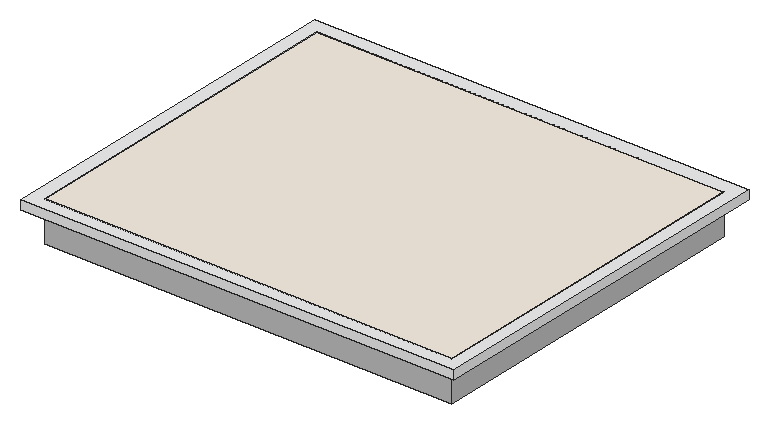
Revit family "Lighting-Industrial-GEWISS-ELIA-HL-LED_HIGHBAY", category Apparecchi per illuminazione, host Superficie, Revit 2019 (continued)
Types (12, lengths in mm): name | Weight (kg): | Weight (kg) | Voltage | Technical sheet | System power | Optic | built-in parameter 1150142 | Lumen output (lm) | Model | IDT | File diagramma fotometrico | Description
    \n15676.76 15460.93 15242.31 15018.11 14788.35 14546.06 \r\n14289.84 14014.12 13723.09 13418.13 13103.43 12785.94 \r\n12471.23 12163.49 11859.92 11559.14 11262.54 10967.33 \r\n10672.12 10378.30 10091.45 9814.34 9541.41 9268.48 \r\n8999.73 8735.15 8476.15 8225.50 7983.20 7747.87 7516.72 \r\n7291.13 7068.33 6851.10 6636.66 6424.99 6211.94 6000.28 \r\n5788.62 5582.53 5377.84 5180.10 4986.54 4804.13 4627.28 \r\n4453.22 4283.33 4117.62 3957.49 3808.49 3665.06 3527.20 \r\n3394.92 3266.81 3144.27 3027.30 2914.50 2804.91 2699.64 \r\n2600.22 2504.13 2408.89 2316.84 2230.78 2147.79 2065.36 \r\n1984.31 1903.13 1824.73 1752.74 1684.65 1618.22 1554.87 \r\n1495.96 1439.85 1384.98 1331.93 1281.24 1232.78 1185.85 \r\n1141.01 1098.54 1058.44 1020.56 984.50 949.96 916.26 \r\n882.57 849.29 816.01 783.70 754.04 726.33 701.68 677.87 \r\n653.22 627.60 599.47 571.90 547.67 525.39 504.64 485.15 \r\n466.21 447.83 430.28 414.83 403.41 393.94 384.61 375.28 \r\n366.37 354.95 336.29 315.40 297.44 279.27 259.77 238.77 \r\n215.22 190.51 165.50 140.68 116.79 93.97 72.19 52.66 \r\n36.62 23.96 15.23 9.48 5.89 4.72 \r\n20514.31 20512.92 20504.56 20492.03 20472.54 20447.47 \r\n20416.84 20383.42 20345.82 20304.04 20256.70 20206.57 \r\n20152.26 20092.38 20029.72 19965.67 19896.04 19825.02 \r\n19751.22 19670.45 19589.69 19507.53 19422.59 19332.08 \r\n19237.39 19138.52 19034.08 18922.68 18807.10 18688.74 \r\n18564.81 18436.70 18305.81 18169.34 18030.09 17893.63 \r\n17755.77 17615.13 17471.70 17325.49 17175.10 17021.92 \r\n16861.78 16687.72 16502.52 16310.35 16108.44 15900.96 \r\n15687.90 15472.07 15252.05 15029.25 14798.10 14557.20 \r\n14300.98 14025.26 13734.23 13427.88 13115.96 12799.86 \r\n12485.16 12177.41 11872.46 11571.68 11273.68 10977.08 \r\n10681.87 10388.05 10099.80 9822.69 9549.76 9278.23 \r\n9008.08 8742.11 8483.11 8232.46 7988.77 7750.66 7519.50 \r\n7291.13 7068.33 6851.10 6635.26 6420.82 6210.55 5997.50 \r\n5787.23 5579.75 5376.44 5177.32 4985.15 4802.73 4625.89 \r\n4450.43 4280.55 4113.44 3954.70 3804.31 3663.67 3524.42 \r\n3392.13 3265.41 3141.48 3024.51 2911.72 2801.43 2695.46 \r\n2595.62 2499.12 2403.59 2311.55 2225.49 2142.64 2060.62 \r\n1980.00 1899.23 1821.53 1749.95 1682.00 1615.44 1552.22 \r\n1493.46 1437.48 1382.33 1329.00 1278.73 1230.27 1183.76 \r\n1139.07 1096.45 1056.21 1018.20 982.27 947.87 914.45 \r\n881.17 848.03 814.61 782.45 752.65 725.07 700.15 676.20 \r\n651.69 626.35 598.77 571.48 547.39 525.11 504.36 484.59 \r\n465.23 447.13 429.73 414.41 403.69 394.50 384.61 374.58 \r\n365.11 353.14 334.76 314.43 296.60 278.37 258.68 237.55 \r\n214.31 189.98 165.11 140.36 116.59 93.84 72.01 52.43 \r\n36.48 23.91 15.22 9.51 5.92 4.74 \r\n20514.31 20512.92 20504.56 20492.03 20472.54 20447.47 \r\n20416.84 20384.81 20345.82 20304.04 20259.48 20207.96 \r\n20153.65 20093.78 20031.11 19965.67 19898.83 19827.81 \r\n19754.01 19676.03 19593.87 19511.71 19426.77 19336.26 \r\n19241.56 19142.70 19038.26 18926.86 18811.28 18692.92 \r\n18567.60 18442.27 18311.38 18174.91 18037.05 17900.59 \r\n17762.73 17622.09 17478.66 17332.45 17183.45 17031.67 \r\n16870.14 16696.08 16510.87 16318.71 16119.58 15912.10 \r\n15700.44 15484.60 15265.98 15040.39 14810.63 14569.73 \r\n14312.11 14036.40 13745.37 13441.80 13128.49 12813.79 \r\n12501.86 12192.73 11887.77 11584.21 11283.43 10986.83 \r\n10691.61 10399.19 10109.55 9832.44 9559.51 9286.58 \r\n9017.83 8751.86 8491.47 8239.42 7992.95 7754.83 7520.89 \r\n7292.52 7068.33 6848.32 6632.48 6419.43 6206.37 5996.11 \r\n5785.84 5578.36 5373.66 5175.92 4983.76 4801.34 4624.49 \r\n4450.43 4279.15 4113.44 3953.31 3804.31 3660.88 3523.03 \r\n3390.74 3264.02 3140.09 3021.73 2908.93 2798.93 2692.40 \r\n2591.72 2494.80 2399.00 2306.82 2220.90 2138.18 2056.58 \r\n1976.24 1896.17 1819.16 1747.87 1679.91 1613.49 1550.13 \r\n1491.51 1435.53 1380.25 1326.91 1276.64 1228.60 1182.09 \r\n1137.67 1095.06 1054.40 1016.53 980.46 946.20 913.06 \r\n880.06 847.34 813.92 781.47 751.81 723.96 698.90 674.67 \r\n650.16 625.23 598.08 571.34 547.53 525.11 504.09 484.17 \r\n464.68 446.30 429.31 414.41 403.96 394.77 384.47 373.89 \r\n363.72 351.33 333.23 313.31 295.63 277.30 257.43 236.14 \r\n213.25 189.34 164.61 139.92 116.25 93.56 71.70 52.11 \r\n36.27 23.83 15.20 9.52 5.94 4.75 \r\n20514.31 20512.92 20505.95 20492.03 20473.93 20448.86 \r\n20418.23 20384.81 20348.60 20306.83 20259.48 20209.35 \r\n20155.05 20096.56 20033.90 19968.45 19901.61 19831.99 \r\n19756.79 19678.81 19599.44 19517.28 19430.95 19340.43 \r\n19245.74 19146.88 19041.05 18929.65 18815.46 18697.10 \r\n18573.17 18446.45 18316.95 18181.87 18044.01 17907.55 \r\n17771.09 17630.44 17488.41 17342.20 17193.20 17040.02 \r\n16881.28 16705.82 16522.01 16331.24 16132.11 15924.63 \r\n15714.36 15498.53 15278.51 15054.32 14823.16 14580.87 \r\n14326.04 14048.93 13759.29 13455.73 13143.81 12830.50 \r\n12517.18 12209.44 11901.70 11596.74 11295.96 10997.97 \r\n10702.76 10407.55 10119.30 9842.19 9570.65 9296.33 \r\n9026.19 8760.22 8499.82 8246.39 7999.91 7759.01 7523.68 \r\n7292.52 7066.94 6846.92 6628.30 6415.25 6203.59 5991.93 \r\n5783.05 5575.57 5373.66 5174.53 4982.37 4801.34 4624.49 \r\n4451.82 4280.55 4112.05 3953.31 3804.31 3660.88 3523.03 \r\n3390.74 3262.63 3140.09 3020.33 2906.15 2796.14 2690.03 \r\n2588.80 2491.18 2395.10 2302.78 2217.00 2134.56 2052.96 \r\n1972.89 1893.80 1817.49 1746.33 1678.66 1612.24 1549.02 \r\n1490.25 1434.28 1378.71 1325.24 1275.11 1227.21 1181.12 \r\n1136.98 1094.09 1053.29 1015.13 978.93 944.81 911.81 \r\n879.22 846.78 813.50 781.05 751.25 723.40 697.78 673.27 \r\n648.77 623.98 597.38 571.34 547.67 525.53 504.22 484.03 \r\n464.26 445.60 428.61 414.27 404.10 395.33 384.61 373.19 \r\n362.19 349.38 331.55 312.20 294.51 276.20 256.03 234.58 \r\n212.05 188.59 163.99 139.38 115.76 93.13 71.28 51.72 \r\n36.01 23.71 15.16 9.52 5.96 4.76 \r\n20514.31 20512.92 20505.95 20492.03 20473.93 20448.86 \r\n20419.62 20386.20 20348.60 20306.83 20262.27 20212.14 \r\n20156.44 20096.56 20036.68 19972.63 19905.79 19836.16 \r\n19760.97 19685.77 19603.62 19521.46 19435.12 19344.61 \r\n19249.92 19149.66 19045.22 18935.22 18819.64 18701.28 \r\n18578.74 18452.02 18323.91 18188.84 18052.37 17917.30 \r\n17779.44 17640.19 17498.15 17351.94 17202.95 17049.77 \r\n16891.03 16715.57 16533.15 16342.38 16146.04 15939.95 \r\n15728.29 15513.84 15292.44 15068.24 14837.09 14594.79 \r\n14338.57 14062.86 13773.22 13469.65 13159.13 12847.21 \r\n12535.29 12224.76 11915.62 11609.27 11305.71 11006.32 \r\n10711.11 10418.69 10130.44 9853.33 9579.01 9304.69 \r\n9034.54 8769.97 8509.57 8254.74 8005.48 7761.80 7525.07 \r\n7292.52 7065.55 6842.74 6625.52 6411.07 6199.41 5990.53 \r\n5781.66 5574.18 5372.27 5173.14 4980.97 4801.34 4625.89 \r\n4451.82 4279.15 4113.44 3953.31 3804.31 3662.28 3524.42 \r\n3392.13 3264.02 3140.09 3020.33 2906.15 2794.75 2688.78 \r\n2586.71 2488.40 2392.04 2299.71 2213.80 2131.50 2050.04 \r\n1970.39 1891.85 1816.38 1745.50 1677.82 1611.54 1548.18 \r\n1489.56 1433.44 1377.74 1324.27 1274.14 1226.37 1180.56 \r\n1136.56 1093.53 1052.59 1014.02 977.95 943.84 910.83 \r\n878.53 846.36 813.36 780.91 751.11 722.99 697.09 672.16 \r\n647.51 622.87 596.96 571.48 548.23 526.09 504.50 483.75 \r\n463.70 444.90 428.19 414.27 404.38 395.47 384.61 372.63 \r\n360.80 347.29 329.74 310.81 293.26 274.94 254.51 232.90 \r\n210.74 187.72 163.28 138.71 115.16 92.57 70.75 51.26 \r\n35.72 23.58 15.11 9.51 5.97 4.78 \r\n20514.31 20512.92 20505.95 20492.03 20473.93 20450.26 \r\n20421.01 20387.59 20351.39 20309.61 20263.66 20212.14 \r\n20156.44 20099.35 20038.08 19975.41 19909.97 19840.34 \r\n19766.54 19689.95 19609.19 19527.03 19440.69 19348.79 \r\n19252.70 19153.84 19048.01 18938.00 18823.81 18705.45 \r\n18585.70 18460.37 18330.87 18195.80 18060.73 17925.65 \r\n17789.19 17649.94 17506.51 17361.69 17212.69 17060.91 \r\n16899.38 16726.71 16544.29 16354.91 16158.57 15953.87 \r\n15743.60 15527.77 15306.36 15083.56 14851.01 14610.11 \r\n14353.89 14078.18 13788.54 13486.36 13177.23 12866.70 \r\n12554.78 12241.47 11932.33 11621.81 11315.46 11016.07 \r\n10720.86 10428.43 10140.19 9863.08 9588.76 9315.83 \r\n9044.29 8779.71 8519.32 8261.70 8012.44 7767.36 7527.86 \r\n7292.52 7064.15 6839.96 6621.34 6406.89 6195.23 5986.36 \r\n5778.88 5572.78 5369.48 5171.74 4980.97 4801.34 4627.28 \r\n4453.22 4281.94 4114.84 3954.70 3804.31 3662.28 3524.42 \r\n3393.52 3264.02 3140.09 3020.33 2906.15 2796.14 2688.08 \r\n2585.45 2486.31 2389.81 2297.35 2211.43 2128.99 2047.67 \r\n1968.16 1890.60 1815.68 1745.22 1677.41 1611.40 1548.04 \r\n1489.28 1433.02 1377.18 1323.57 1273.44 1225.96 1180.56 \r\n1136.56 1093.53 1052.03 1013.46 977.12 942.86 910.00 \r\n878.11 846.22 813.36 781.19 751.39 722.99 696.53 670.91 \r\n646.26 621.75 596.55 571.90 548.92 526.78 504.92 483.89 \r\n463.28 444.35 427.92 414.13 404.66 395.75 384.47 371.94 \r\n359.27 345.34 328.07 309.55 292.01 273.65 252.89 231.09 \r\n209.31 186.73 162.45 137.94 114.44 91.91 70.15 50.76 \r\n35.38 23.42 15.04 9.48 5.98 4.79 \r\n20514.31 20512.92 20505.95 20492.03 20473.93 20450.26 \r\n20421.01 20387.59 20351.39 20311.01 20266.45 20213.53 \r\n20159.22 20103.52 20042.25 19979.59 19914.14 19844.52 \r\n19772.11 19695.52 19616.15 19532.60 19444.87 19354.36 \r\n19258.28 19158.01 19052.19 18943.57 18827.99 18711.02 \r\n18589.88 18467.34 18337.83 18204.15 18069.08 17935.40 \r\n17798.94 17658.29 17516.26 17371.44 17223.83 17070.66 \r\n16910.52 16737.85 16554.04 16367.45 16172.50 15969.19 \r\n15758.92 15543.09 15323.07 15097.49 14866.33 14625.43 \r\n14369.21 14093.49 13803.85 13503.07 13193.94 12884.80 \r\n12572.88 12259.57 11946.26 11634.34 11326.60 11025.82 \r\n10729.21 10436.79 10149.93 9872.83 9599.90 9325.57 \r\n9052.64 8788.07 8527.67 8268.66 8016.62 7770.15 7527.86 \r\n7292.52 7061.37 6835.78 6615.77 6402.72 6191.06 5982.18 \r\n5776.09 5571.39 5368.09 5170.35 4979.58 4801.34 4627.28 \r\n4453.22 4283.33 4116.23 3956.09 3805.70 3663.67 3527.20 \r\n3394.92 3266.81 3140.09 3020.33 2906.15 2795.44 2688.22 \r\n2584.90 2485.06 2388.28 2295.95 2209.76 2127.18 2045.86 \r\n1966.63 1889.76 1815.68 1745.36 1677.68 1611.54 1548.32 \r\n1489.42 1433.02 1377.04 1323.43 1273.44 1225.96 1180.70 \r\n1136.98 1093.81 1052.17 1013.18 976.56 942.30 909.58 \r\n877.69 846.22 813.64 781.61 751.81 723.26 696.11 670.07 \r\n645.01 620.78 596.13 572.18 549.62 527.48 505.34 483.89 \r\n463.01 444.07 427.64 413.99 404.66 396.03 384.33 371.24 \r\n357.87 343.25 326.26 308.16 290.61 272.22 251.15 229.19 \r\n207.79 185.65 161.50 137.05 113.60 91.11 69.47 50.21 \r\n35.04 23.26 14.96 9.46 5.98 4.80 \r\n20514.31 20512.92 20505.95 20493.42 20475.32 20450.26 \r\n20421.01 20388.99 20354.17 20313.79 20266.45 20216.31 \r\n20162.01 20104.92 20045.04 19983.77 19918.32 19848.70 \r\n19776.28 19701.09 19621.72 19538.17 19450.44 19358.53 \r\n19262.45 19162.19 19056.36 18946.35 18833.56 18716.59 \r\n18596.84 18471.51 18344.80 18213.90 18077.44 17943.76 \r\n17808.68 17668.04 17526.01 17381.19 17233.58 17081.80 \r\n16921.66 16747.60 16566.57 16381.37 16186.42 15984.51 \r\n15774.24 15558.40 15338.39 15114.20 14880.25 14639.35 \r\n14384.53 14110.20 13820.56 13519.78 13210.65 12902.91 \r\n12592.38 12276.28 11961.58 11645.48 11334.95 11034.17 \r\n10736.18 10445.14 10158.29 9882.57 9608.25 9333.93 \r\n9062.39 8796.42 8534.63 8275.63 8022.19 7771.54 7529.25 \r\n7291.13 7058.58 6833.00 6611.59 6395.75 6185.49 5978.00 \r\n5773.31 5568.61 5365.30 5168.96 4979.58 4801.34 4628.67 \r\n4456.00 4284.72 4119.02 3958.88 3809.88 3666.45 3528.60 \r\n3397.70 3268.20 3142.87 3023.12 2907.54 2795.86 2689.06 \r\n2584.90 2484.64 2387.58 2295.12 2208.78 2126.07 2044.61 \r\n1965.65 1889.48 1815.96 1745.78 1678.24 1612.10 1549.02 \r\n1489.98 1433.44 1377.46 1323.71 1273.72 1226.37 1181.12 \r\n1137.67 1094.37 1052.45 1013.18 976.28 941.89 909.16 \r\n877.55 846.22 814.06 782.31 752.37 723.68 695.97 669.10 \r\n644.03 619.80 595.85 572.60 550.32 528.45 506.03 484.17 \r\n462.87 443.51 427.36 413.99 404.66 396.17 384.05 370.41 \r\n356.34 341.30 324.31 306.63 289.14 270.65 249.35 227.26 \r\n206.16 184.46 160.44 136.06 112.65 90.23 68.73 49.64 \r\n34.67 23.08 14.88 9.42 5.98 4.80 \r\n20514.31 20512.92 20504.56 20493.42 20475.32 20451.65 \r\n20422.40 20391.77 20355.56 20313.79 20267.84 20217.71 \r\n20164.79 20107.70 20049.22 19987.95 19922.50 19854.26 \r\n19780.46 19706.66 19627.29 19542.35 19454.62 19362.71 \r\n19266.63 19164.98 19060.54 18950.53 18839.13 18723.56 \r\n18602.41 18479.87 18353.15 18220.86 18087.18 17954.90 \r\n17818.43 17679.18 17535.75 17392.33 17244.72 17091.55 \r\n16932.80 16760.13 16579.10 16393.90 16201.74 15998.43 \r\n15789.56 15575.11 15353.70 15129.51 14895.57 14654.67 \r\n14399.84 14125.52 13837.27 13537.89 13230.14 12922.40 \r\n12611.87 12294.38 11974.11 11656.62 11343.31 11041.13 \r\n10743.14 10452.11 10166.64 9889.54 9616.61 9340.89 \r\n9067.96 8803.39 8542.99 8282.59 8026.37 7774.33 7529.25 \r\n7291.13 7055.80 6828.82 6606.02 6390.18 6179.92 5972.43 \r\n5769.13 5564.43 5363.91 5167.57 4978.19 4801.34 4630.06 \r\n4457.39 4287.51 4120.41 3961.66 3811.27 3669.24 3531.38 \r\n3400.49 3269.59 3145.66 3024.51 2908.93 2798.37 2690.45 \r\n2585.73 2484.78 2387.58 2295.26 2208.51 2125.65 2044.05 \r\n1965.24 1889.48 1816.93 1746.75 1678.94 1613.07 1549.85 \r\n1490.67 1434.00 1377.88 1324.27 1274.28 1226.79 1181.95 \r\n1138.37 1095.06 1053.15 1013.46 976.14 941.47 908.75 \r\n877.41 846.36 814.47 783.14 753.20 724.24 695.83 668.54 \r\n643.06 619.11 595.71 573.01 551.15 529.15 506.59 484.17 \r\n462.73 443.23 427.08 413.85 404.66 396.03 383.63 369.71 \r\n354.95 339.21 322.64 305.10 287.68 268.99 247.49 225.26 \r\n204.49 183.14 159.27 134.96 111.64 89.29 67.95 49.06 \r\n34.31 22.91 14.80 9.38 5.97 4.81 \r\n20514.31 20512.92 20504.56 20493.42 20475.32 20451.65 \r\n20422.40 20391.77 20356.96 20315.18 20270.62 20220.49 \r\n20166.19 20110.49 20052.00 19990.73 19925.28 19857.05 \r\n19786.03 19710.84 19631.47 19547.92 19460.19 19366.89 \r\n19272.20 19170.55 19064.72 18956.10 18843.31 18729.13 \r\n18609.37 18486.83 18360.11 18230.61 18096.93 17963.25 \r\n17828.18 17688.93 17545.50 17402.07 17254.47 17102.69 \r\n16942.55 16771.27 16590.25 16407.83 16215.66 16013.75 \r\n15804.88 15590.43 15370.42 15144.83 14910.89 14669.99 \r\n14416.55 14142.23 13855.38 13554.60 13248.25 12940.50 \r\n12629.98 12311.09 11989.43 11669.15 11351.66 11048.09 \r\n10750.10 10459.07 10175.00 9896.50 9622.18 9346.46 \r\n9074.92 8810.35 8547.16 8286.77 8029.16 7775.72 7529.25 \r\n7288.35 7053.01 6823.25 6600.45 6384.61 6174.35 5968.26 \r\n5766.34 5561.64 5361.13 5166.18 4978.19 4801.34 4631.46 \r\n4458.78 4288.90 4121.80 3963.06 3814.06 3672.02 3534.17 \r\n3401.88 3272.38 3147.05 3027.30 2910.33 2800.32 2692.40 \r\n2587.27 2485.75 2388.56 2295.95 2209.20 2125.93 2044.05 \r\n1965.10 1890.04 1817.91 1747.87 1680.05 1614.19 1551.11 \r\n1491.79 1434.83 1378.71 1325.10 1274.97 1227.63 1182.79 \r\n1139.34 1095.90 1053.84 1013.88 976.14 941.47 908.61 \r\n877.14 846.36 815.03 783.98 754.18 724.94 695.83 667.98 \r\n642.36 618.13 595.43 573.57 551.71 529.99 507.15 484.45 \r\n462.73 442.95 426.80 413.71 404.52 395.75 383.22 368.87 \r\n353.56 337.40 320.69 303.70 286.10 267.28 245.58 223.25 \r\n202.73 181.74 158.01 133.78 110.51 88.26 67.13 48.49 \r\n33.98 22.74 14.71 9.33 5.96 4.81 \r\n20514.31 20512.92 20504.56 20493.42 20475.32 20451.65 \r\n20423.80 20393.16 20358.35 20317.97 20272.01 20221.89 \r\n20167.58 20111.88 20053.39 19993.51 19928.07 19859.84 \r\n19788.82 19713.62 19634.25 19550.70 19462.97 19369.67 \r\n19274.99 19173.33 19068.90 18960.28 18848.88 18733.30 \r\n18614.94 18493.79 18367.08 18237.57 18103.89 17971.60 \r\n17835.14 17695.89 17553.85 17409.03 17261.43 17109.65 \r\n16950.90 16781.02 16599.99 16417.58 16226.80 16026.28 \r\n15816.01 15602.96 15382.95 15157.36 14924.82 14685.31 \r\n14430.48 14158.94 13872.09 13572.70 13264.96 12957.21 \r\n12643.90 12322.23 11999.17 11674.72 11355.84 11048.09 \r\n10751.49 10459.07 10175.00 9896.50 9622.18 9346.46 \r\n9073.53 8807.56 8545.77 8283.98 8024.98 7771.54 7523.68 \r\n7282.78 7048.84 6817.68 6593.49 6376.26 6164.60 5959.90 \r\n5757.99 5554.68 5355.56 5162.00 4975.40 4798.56 4628.67 \r\n4456.00 4288.90 4124.59 3965.84 3816.84 3673.42 3536.95 \r\n3406.06 3276.55 3151.23 3031.47 2915.90 2804.36 2697.13 \r\n2592.14 2491.18 2394.26 2301.66 2213.94 2129.83 2047.25 \r\n1967.88 1892.41 1820.28 1749.95 1682.00 1615.86 1552.64 \r\n1493.18 1436.09 1380.25 1326.63 1276.50 1229.02 1184.04 \r\n1140.46 1097.15 1055.10 1014.85 976.98 941.89 908.61 \r\n876.86 846.08 815.31 785.09 755.15 725.77 696.25 667.84 \r\n642.22 618.27 595.57 573.71 552.13 530.26 507.43 484.87 \r\n463.15 443.23 426.80 413.29 403.83 394.77 3
